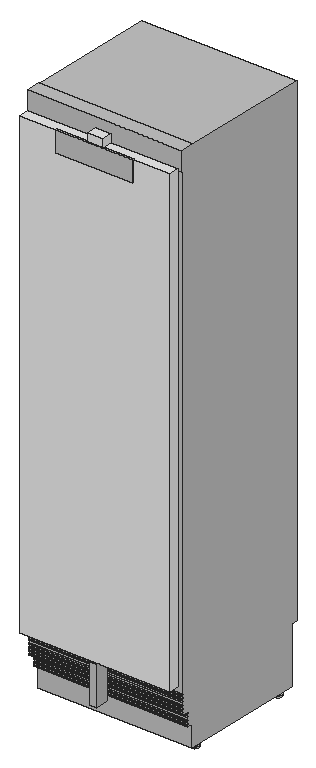
Revit family "FP_Revit_18_RS6121FRJK1_Freezer_90001099A", category Specialty Equipment, Revit 2018
Family settings
  Round Connector Dimension = Use Diameter
  Part Type = Normal
  OmniClass Number = 23.40.40.11.11
  OmniClass Title = Refrigerators and Freezers
  Work Plane-Based = No
  Always vertical = Yes
  Cut with Voids When Loaded = Yes
  Shared = No
  Room Calculation Point = No
Parameters (values of type "RS6121FRK1")
  Visibility - Water Connection = no
  Visibility - Visibility Control Note = yes
  Visibility - Clearance Required = yes
  URL = "www.fisherpaykel.com"
  Stainless Steel Door Panels (RD6121R10D) = no
  Product - Width = 603 mm  # constant formula
  Product - Height = 2134 mm  # constant formula
  Product - Depth (exl front panel) = 610 mm  # constant formula
  Model = "RS6121FRK1"
  Material - Handle = Fisher & Paykel - Aluminium
  Material - Door Structure = Fisher & Paykel - White
  Material - Door Front = Fisher & Paykel - Stainless Steel
  Material - Body = Fisher & Paykel - Grey
  Manufacturer = "Fisher & Paykel Appliances"
  Handle Style - Contemporary Square (AHD3-RD21) = no
  Handle Style - Contemporary Round (AHS-RD21) = no
  Description = "61cm Integrated Column Freezer, stainless steel interior"
  Connector Description - Water = "Water Supply not required"
  Connector Description - Electrical = "230 V, 10 amp fused electrical supply"
  Cavity - Width = 610 mm  # constant formula
  Cavity - Height = 2134 mm  # constant formula
  Cavity - Depth = 650 mm  # constant formula
Types (4, lengths in mm): name | Visibility - Water Connection | Model | Description | Connector Description - Water
  (no name) | no | "RS6121FRK1" | "61cm Integrated Column Freezer, stainless steel interior" | "Water Supply not required"
  RS6121FRJK1 | yes | "RS6121FRJK1" | "61cm Integrated Column Freezer with internal ice maker, stainless steel interior" | "1/2 BSP Stainless steel braided hose"
  RS6121FRK1 | no | "RS6121FRK1" | "61cm Integrated Column Freezer, stainless steel interior" | "Water Supply not required"
  RS6121FRJ1 | yes | "RS6121FRJ1" | "61cm Integrated Column Freezer with internal ice maker, white interior" | "1/2 BSP Stainless steel braided hose"
Reference planes
  plane 1 "Datum": y = 0
  plane 2: z = 0
  plane 3 "Center (Left/Right)": x = 0
  plane 4 "Product LHS": x = -301.5
  plane 5 "Product RHS": x = 301.5
  plane 6 "Product - Depth": y = 610
  plane 7 "Cavity LHS": x = -305
  plane 8 "Cavity RHS": x = 305
  plane 9 "Cavity - Depth": y = 628
  plane 10 "Handle Offset": x = -238.5
  plane 11 "Product Height": z = 2134
  plane 12 "Cavity Height": z = 2134
  plane 13 "Door Panel Datum": y = -4.1
Forms (mm)
  Extrusion 1, solid, material "Fisher & Paykel - Grey" <- "Material - Body", detail levels fine
    sketch origin (0, 0, 0) x (0, 1, 0) y (0, 0, 1)
      loop
        line (100.1, 19.1) -> (587.9, 19.1) -> (587.9, 239.7) -> (610, 239.7) -> (610, 2131.9) -> (105.1, 2131.9) -> (105.1, 2134) -> (49.9, 2134) -> (49.9, 2059) -> (56, 2059) -> (56, 228.6) -> (59.5, 228.6) -> (59.5, 219.7) -> (56.5, 219.7) -> (56.5, 215.9) -> (59.5, 215.9) -> (59.5, 207) -> (56.5, 207) -> (56.5, 203.2) -> (59.5, 203.2) -> (59.5, 194.3) -> (56.5, 194.3) -> (56.5, 190.5) -> (59.5, 190.5) -> (59.5, 181.6) -> (56.5, 181.6) -> (56.5, 177.8) -> (59.5, 177.8) -> (59.5, 168.9) -> (56.5, 168.9) -> (56.5, 165.1) -> (59.5, 165.1) -> (59.5, 156.2) -> (56.5, 156.2) -> (56.5, 152.4) -> (84.1, 152.4) -> (84.1, 143.5) -> (81.1, 143.5) -> (81.1, 139.7) -> (84.1, 139.7) -> (84.1, 130.8) -> (81.1, 130.8) -> (81.1, 127) -> (84.1, 127) -> (84.1, 118.1) -> (81.1, 118.1) -> (81.1, 114.3) -> (84.1, 114.3) -> (84.1, 105.4) -> (81.1, 105.4) -> (81.1, 101.6) -> (100.1, 101.6) -> (100.1, 19.1)
    from -301.5 to 301.5
  Extrusion 2, solid, material "Fisher & Paykel - Grey" <- "Material - Body"
    sketch origin (0, 0, 0) x (1, 0, 0) y (0, 1, 0)
      loop
        circle (-281, 547.8) r 4.1
      loop
        circle (-281, 141.8) r 4.1
      loop
        circle (281, 547.8) r 4.1
      loop
        circle (281, 141.8) r 4.1
    from 3 to 19.1
  Extrusion 3, solid, material "Fisher & Paykel - Grey" <- "Material - Body"
    sketch origin (0, 0, 0) x (1, 0, 0) y (0, 1, 0)
      loop
        circle (-281, 547.8) r 14.5
      loop
        circle (-281, 141.8) r 14.555
      loop
        circle (281, 547.8) r 14.5
      loop
        circle (281, 141.8) r 14.555
    from 0 to 3
  Extrusion 4, solid, material "Fisher & Paykel - Grey" <- "Material - Body", detail levels fine
    sketch origin (0, 0, 0) x (1, 0, 0) y (0, 1, 0)
      loop
        line (-7.5, 49) -> (-13.797, -4.1) -> (13.797, -4.1) -> (7.5, 49) -> (-7.5, 49)
    from 104.2 to 254.2
  Extrusion 5, solid, material "Fisher & Paykel - Grey" <- "Material - Body", not visible, detail levels fine
    sketch origin (0, 0, 0) x (1, 0, 0) y (0, 0, 1)
      loop
        line (289.9, 2123.15) -> (95.42, 2123.15) -> (95.42, 2081.05) -> (289.9, 2081.05) -> (289.9, 2123.15)
    from -49 to -2.5
  Extrusion 6, solid, material "Fisher & Paykel - Grey" <- "Material - Body", detail levels fine
    sketch origin (0, 0, 0) x (0, 1, 0) y (0, 0, 1)
      loop
        line (0, 2070.6) -> (0, 1988.6) -> (2, 1988.6) -> (2, 2068.6) -> (4, 2068.6) -> (4, 2070.6) -> (0, 2070.6)
    from -150 to 150
  Extrusion 7, solid, material "Fisher & Paykel - Grey" <- "Material - Body"
    sketch origin (0, 0, 0) x (1, 0, 0) y (0, 0, 1)
      loop
        circle (226.5, 119.813) r 5
      loop
        circle (-226.5, 119.813) r 5
    from -590 to -587.9
  Extrusion 8, solid, material "Fisher & Paykel - White" <- "Material - Door Structure"
    sketch origin (0, 0, 0) x (1, 0, 0) y (0, 1, 0)
      loop
        line (-276.5, 56) -> (-276.5, 42) -> (276.5, 42) -> (276.5, 56) -> (-276.5, 56)
    from 269.6 to 2030.7
  Extrusion 9, solid, material "Fisher & Paykel - White" <- "Material - Door Structure"
    sketch origin (0, 0, 0) x (1, 0, 0) y (0, 1, 0)
      loop
        line (-292.9, 42) -> (-292.9, 3) -> (292.9, 3) -> (292.9, 42) -> (-292.9, 42)
    from 254.2 to 2068.6
  Extrusion 10, solid, material "Fisher & Paykel - White" <- "Material - Door Structure", detail levels fine
    sketch origin (0, 0, 0) x (1, 0, 0) y (0, 0, 1)
      loop
        line (-29.5, 2100.1) -> (-29.5, 2068.6) -> (29.5, 2068.6) -> (29.5, 2100.1) -> (-29.5, 2100.1)
    from -42 to -3
  Extrusion 11, solid, material "Fisher & Paykel - Stainless Steel" <- "Material - Door Front", visible <- "Stainless Steel Door Panels (RD6121R10D)"
    sketch origin (0, 0, 0) x (0, 1, 0) y (0, 0, 1)
      loop
        line (-22.1, 2130.8) -> (-22.1, 102) -> (-4.1, 102) -> (-4.1, 2130.8) -> (-22.1, 2130.8)
    from -301.5 to 301.5
  Extrusion 12, solid, material "Fisher & Paykel - Grey" <- "Material - Body", detail levels coarse+medium
    sketch origin (0, 0, 0) x (0, 1, 0) y (0, 0, 1)
      loop
        line (49.9, 2134) -> (49.9, 2059) -> (56, 2059) -> (56, 152.4) -> (81.1, 152.4) -> (81.1, 101.6) -> (100.1, 101.6) -> (100.1, 19.1) -> (587.9, 19.1) -> (587.9, 239.7) -> (610, 239.7) -> (610, 2134) -> (49.9, 2134)
    from -301.5 to 301.5
  Extrusion 13, solid, material "Fisher & Paykel - Clearance Required", visible <- "Visibility - Clearance Required", detail levels coarse
    sketch origin (0, 0, 0) x (1, 0, 0) y (0, 1, 0)
      loop
        arc (-301.5, -22.1) -> (-13.376, -547.171) -> (584.28, -586.183) r 622.5
        line (584.28, -586.183) -> (565.051, -544.946) -> (589.549, -533.523)
        arc (589.549, -533.523) -> (598.013, -510.267) -> (574.757, -501.802) r 17.5
        line (574.757, -501.802) -> (550.259, -513.225) -> (329.441, -39.678)
        arc (329.441, -39.678) -> (310.616, -38.605) -> (301.5, -22.1) r 19.5
        line (301.5, -22.1) -> (-301.5, -22.1)
    from 0 to 2134
  Extrusion 14, solid, material "Fisher & Paykel - Grey" <- "Material - Body", not visible, detail levels fine
    sketch origin (0, 0, 0) x (1, 0, 0) y (0, 0, 1)
      loop
        line (289.9, 187.65) -> (289.9, 229.75) -> (95.42, 229.75) -> (95.42, 187.65) -> (289.9, 187.65)
    from -56 to -2.5
  Extrusion 15, solid, material "Fisher & Paykel - Grey" <- "Material - Body", detail levels fine
    sketch origin (0, 0, -4) x (0, 1, 0) y (0, 0, 1)
      loop
        arc (163.888, 23.1) -> (180.4, 13.63) -> (196.912, 23.1) r 19.13
        line (196.912, 23.1) -> (163.888, 23.1)
      loop
        arc (493.888, 23.1) -> (510.4, 13.63) -> (526.912, 23.1) r 19.13
        line (526.912, 23.1) -> (493.888, 23.1)
    from 191 to 219
  Extrusion 16, solid, material "Fisher & Paykel - Grey" <- "Material - Body", detail levels fine
    sketch origin (0, 0, -4) x (0, 1, 0) y (0, 0, -1)
      loop
        line (163.888, -23.1) -> (196.912, -23.1)
        arc (196.912, -23.1) -> (180.4, -13.63) -> (163.888, -23.1) r 19.13
      loop
        line (493.888, -23.1) -> (526.912, -23.1)
        arc (526.912, -23.1) -> (510.4, -13.63) -> (493.888, -23.1) r 19.13
    from 191 to 219
  Extrusion 17, solid, material "Fisher & Paykel - Clearance Required", visible <- "Visibility - Clearance Required", detail levels coarse
    sketch origin (0, 0, 0) x (1, 0, 0) y (0, 1, 0)
      loop
        line (-305, 628) -> (-305, -4.1) -> (305, -4.1) -> (305, 628) -> (-305, 628)
    from 0 to 2134
  Extrusion 18, void
    sketch origin (0, 0, 0) x (1, 0, 0) y (0, 1, 0)
      loop
        line (-305, 628) -> (-305, -22) -> (305, -22) -> (305, 628) -> (-305, 628)
    from 0 to 2134
  Extrusion 19, solid, material "Fisher & Paykel - Grey" <- "Material - Body", not visible, detail levels fine
    sketch origin (0, 0, 0) x (1, 0, 0) y (0, 0, 1)
      loop
        line (118.4, 254.2) -> (118.4, 229.75) -> (282.9, 229.75) -> (282.9, 254.2) -> (118.4, 254.2)
      loop
        line (106, 2081.05) -> (106, 2068.6) -> (282.9, 2068.6) -> (282.9, 2076.05) -> (242.9, 2081.05) -> (106, 2081.05)
    from -7 to -4
Lines and regions (mm)
  model lines, style "Fisher & Paykel"
    curve 1: line (-301.5, -4.1, 2130.8) -> (301.5, -4.1, 2130.8)
    curve 2: line (-301.5, -4.1, 102) -> (-301.5, -4.1, 2130.8)
    curve 3: line (301.5, -4.1, 102) -> (-301.5, -4.1, 102)
    curve 4: line (301.5, -4.1, 2130.8) -> (301.5, -4.1, 102)
Text (mm)
  text "Due to ongoing product development, product details are subject to change without notice. \nPlease always refer to www.fisherpaykel.com for the most current product information. \n© Fisher & Paykel 2020" at (41.04, -678.295, 0), in view "Ref. Level (Plan)"
Dimensions and locks
  equal spacing: plane 4 "Product LHS", plane 3 "Center (Left/Right)", plane 5 "Product RHS"
  "Product - Width": plane 4 "Product LHS" to plane 5 "Product RHS"
  "Product - Depth (exl front panel)": plane 1 "Datum" to plane 6 "Product - Depth"
  equal spacing: plane 7 "Cavity LHS", plane 3 "Center (Left/Right)", plane 8 "Cavity RHS"
  "Cavity - Width": plane 7 "Cavity LHS" to plane 8 "Cavity RHS"
  plane 4 "Product LHS" to Extrusion 2 sketch curve = 24.6 mm
  plane 4 "Product LHS" to plane 10 "Handle Offset" = 63 mm
  Extrusion 7 sketch curve to Extrusion 1 = 119.887 mm  (x2)
  Extrusion 7 sketch curve to plane 5 "Product RHS" = 75 mm
  plane 4 "Product LHS" to Extrusion 7 sketch curve = 75 mm
  Extrusion 1 sketch curve to Extrusion 1 sketch curve = 82.5 mm
  Extrusion 1 sketch curve to Extrusion 1 sketch curve = 209.5 mm
  Extrusion 3 to level = 3 mm
  Extrusion 12 to Extrusion 9 = 235.1 mm
  Extrusion 12 to Extrusion 8 = 250.5 mm
  Extrusion 12 to Extrusion 12 = 2114.9 mm
  Extrusion 12 to Extrusion 11 = 82.9 mm
  "Product - Height": level to plane 11 "Product Height"
  plane 11 "Product Height" to Extrusion 11 = 3.2 mm
  Extrusion 9 to plane 11 "Product Height" = 65.4 mm
  Extrusion 8 to plane 11 "Product Height" = 103.3 mm
  Extrusion 12 sketch curve to plane 11 "Product Height" = 75 mm
  Extrusion 1 sketch curve to plane 11 "Product Height" = 2.1 mm
  Extrusion 1 sketch curve to plane 11 "Product Height" = 75 mm
  "Cavity - Height": plane 12 "Cavity Height" to level
  plane 1 "Datum" to Extrusion 17 = 628 mm
  plane 1 "Datum" to Extrusion 18 = 628 mm
  Extrusion 19 sketch curve to Extrusion 19 sketch curve = 40 mm
  Extrusion 19 sketch curve to plane 3 "Center (Left/Right)" = 106 mm
  Extrusion 19 sketch curve to Extrusion 19 sketch curve = 176.9 mm
  Extrusion 19 sketch curve to plane 3 "Center (Left/Right)" = 118.4 mm
  plane 3 "Center (Left/Right)" to Extrusion 19 sketch curve = 282.9 mm
  "Cavity - Depth": Extrusion 18 to Extrusion 18
  Extrusion 18 to plane 1 "Datum" = 22 mm
  radius of Extrusion 7 sketch curve = 5 mm
  aligned and locked: level to plane 2
  aligned and locked: Extrusion 11 to plane 5 "Product RHS"
  aligned and locked: plane 4 "Product LHS" to Extrusion 11
  aligned and locked: Extrusion 12 to plane 5 "Product RHS"
  aligned and locked: Extrusion 12 to plane 4 "Product LHS"
  aligned and locked: Extrusion 12 sketch curve to plane 11 "Product Height"
  aligned and locked: plane 11 "Product Height" to Extrusion 1 sketch curve
  aligned and locked: Extrusion 15 sketch curve to Extrusion 15 sketch curve
  aligned and locked: Extrusion 16 sketch curve to Extrusion 16 sketch curve
  aligned and locked: Extrusion 17 to Extrusion 13
  aligned and locked: Extrusion 18 to Extrusion 13
  aligned and locked: Extrusion 1 to plane 5 "Product RHS"
  aligned and locked: plane 4 "Product LHS" to Extrusion 1
  aligned and locked: Extrusion 2 to Extrusion 1
  aligned and locked: nested 3 to plane 10 "Handle Offset"
  aligned and locked: nested 2 to plane 10 "Handle Offset"
Automatic sketch dimensions
  Extrusion 2 sketch curve to plane 4 "Product LHS" = 20.5 mm  (x2)
  plane 5 "Product RHS" to Extrusion 2 sketch curve = 20.5 mm  (x2)
  Extrusion 2 sketch curve to plane 1 "Datum" = 141.8 mm  (x2)
  Extrusion 2 sketch curve to plane 6 "Product - Depth" = 62.2 mm  (x2)
  Extrusion 3 sketch curve to plane 4 "Product LHS" = 20.5 mm  (x2)
  plane 5 "Product RHS" to Extrusion 3 sketch curve = 20.5 mm  (x2)
  Extrusion 3 sketch curve to plane 1 "Datum" = 141.8 mm  (x2)
  Extrusion 3 sketch curve to plane 6 "Product - Depth" = 62.2 mm  (x2)
  plane 1 "Datum" to Extrusion 4 sketch curve = 4.1 mm
  Extrusion 4 sketch curve to plane 3 "Center (Left/Right)" = 13.797 mm
  Extrusion 4 sketch curve to plane 3 "Center (Left/Right)" = 7.5 mm
  plane 3 "Center (Left/Right)" to Extrusion 4 sketch curve = 7.5 mm
  plane 3 "Center (Left/Right)" to Extrusion 4 sketch curve = 13.797 mm
  Extrusion 4 sketch curve to plane 1 "Datum" = 49 mm
  plane 11 "Product Height" to Extrusion 5 sketch curve = 10.85 mm
  plane 3 "Center (Left/Right)" to Extrusion 5 sketch curve = 95.42 mm
  plane 5 "Product RHS" to Extrusion 5 sketch curve = 11.6 mm
  Extrusion 5 sketch curve to Extrusion 5 sketch curve = 42.1 mm
  Extrusion 6 sketch curve to plane 1 "Datum" = 0 mm
  Extrusion 6 sketch curve to plane 1 "Datum" = 2 mm
  Extrusion 6 sketch curve to Extrusion 6 sketch curve = 2 mm  (x2)
  plane 11 "Product Height" to Extrusion 6 sketch curve = 145.4 mm
  plane 11 "Product Height" to Extrusion 6 sketch curve = 65.4 mm
  Extrusion 8 sketch curve to plane 4 "Product LHS" = 25 mm
  plane 5 "Product RHS" to Extrusion 8 sketch curve = 25 mm
  Extrusion 8 sketch curve to plane 1 "Datum" = 42 mm
  Extrusion 8 sketch curve to Extrusion 8 sketch curve = 14 mm
  Extrusion 9 sketch curve to plane 1 "Datum" = 3 mm
  Extrusion 9 sketch curve to plane 4 "Product LHS" = 8.6 mm
  plane 5 "Product RHS" to Extrusion 9 sketch curve = 8.6 mm
  Extrusion 9 sketch curve to Extrusion 9 sketch curve = 39 mm
  Extrusion 10 sketch curve to plane 3 "Center (Left/Right)" = 29.5 mm
  plane 3 "Center (Left/Right)" to Extrusion 10 sketch curve = 29.5 mm
  plane 11 "Product Height" to Extrusion 10 sketch curve = 65.4 mm
  Extrusion 10 sketch curve to Extrusion 10 sketch curve = 31.5 mm
  plane 1 "Datum" to Extrusion 11 sketch curve = 22.1 mm
  plane 1 "Datum" to Extrusion 11 sketch curve = 4.1 mm
  level to Extrusion 11 sketch curve = 102 mm
  plane 11 "Product Height" to Extrusion 11 sketch curve = 3.2 mm
  Extrusion 13 sketch curve to Extrusion 13 sketch curve = 0 mm  (x2)
  Extrusion 13 sketch curve to plane 4 "Product LHS" = 0 mm
  Extrusion 13 sketch curve to plane 5 "Product RHS" = 0 mm
  Extrusion 13 sketch curve to plane 8 "Cavity RHS" = 16 mm
  Extrusion 13 sketch curve to Extrusion 13 sketch curve = 8.441 mm
  Extrusion 13 sketch curve to plane 8 "Cavity RHS" = 245.259 mm
  Extrusion 13 sketch curve to Extrusion 13 sketch curve = 14.792 mm
  Extrusion 13 sketch curve to Extrusion 13 sketch curve = 24.498 mm
  Extrusion 13 sketch curve to Extrusion 13 sketch curve = 7.396 mm  (x2)
  Extrusion 13 sketch curve to Extrusion 13 sketch curve = 19.229 mm
  plane 1 "Datum" to Extrusion 13 sketch curve = 586.183 mm
  Extrusion 13 sketch curve to Extrusion 13 sketch curve = 41.237 mm
  Extrusion 13 sketch curve to Extrusion 13 sketch curve = 15.86 mm
  plane 3 "Center (Left/Right)" to Extrusion 14 sketch curve = 95.42 mm
  plane 5 "Product RHS" to Extrusion 14 sketch curve = 11.6 mm
  level to Extrusion 14 sketch curve = 187.65 mm
  Extrusion 14 sketch curve to Extrusion 14 sketch curve = 42.1 mm
  Extrusion 15 sketch curve to plane 1 "Datum" = 163.888 mm
  Extrusion 15 sketch curve to Extrusion 15 sketch curve = 16.512 mm  (x2)
  Extrusion 15 sketch curve to plane 6 "Product - Depth" = 116.112 mm
  Extrusion 15 sketch curve to Extrusion 15 sketch curve = 9.66 mm  (x2)
  Extrusion 16 sketch curve to plane 1 "Datum" = 163.888 mm
  Extrusion 16 sketch curve to Extrusion 16 sketch curve = 16.512 mm  (x2)
  Extrusion 16 sketch curve to plane 6 "Product - Depth" = 116.112 mm
  Extrusion 16 sketch curve to Extrusion 16 sketch curve = 9.66 mm  (x2)
  Extrusion 17 sketch curve to plane 7 "Cavity LHS" = 0 mm
  Extrusion 17 sketch curve to plane 8 "Cavity RHS" = 0 mm
  Extrusion 17 sketch curve to plane 9 "Cavity - Depth" = 0 mm
  plane 1 "Datum" to Extrusion 17 sketch curve = 4.1 mm
  Extrusion 18 sketch curve to plane 7 "Cavity LHS" = 0 mm
  Extrusion 18 sketch curve to plane 8 "Cavity RHS" = 0 mm
  plane 9 "Cavity - Depth" to Extrusion 18 sketch curve = 0 mm
  plane 1 "Datum" to Extrusion 18 sketch curve = 22 mm
  level to Extrusion 19 sketch curve = 229.75 mm
  Extrusion 19 sketch curve to Extrusion 19 sketch curve = 24.45 mm
  plane 11 "Product Height" to Extrusion 19 sketch curve = 65.4 mm
  Extrusion 19 sketch curve to Extrusion 19 sketch curve = 7.45 mm
  Extrusion 19 sketch curve to Extrusion 19 sketch curve = 5 mm
  Extrusion 12 sketch curve to plane 6 "Product - Depth" = 0 mm
  Extrusion 12 sketch curve to plane 6 "Product - Depth" = 22.1 mm
  Extrusion 12 sketch curve to plane 1 "Datum" = 100.1 mm
  Extrusion 12 sketch curve to Extrusion 12 sketch curve = 19 mm
  Extrusion 12 sketch curve to plane 1 "Datum" = 56 mm
  Extrusion 12 sketch curve to plane 1 "Datum" = 49.9 mm
  level to Extrusion 12 sketch curve = 152.4 mm
  Extrusion 12 sketch curve to Extrusion 12 sketch curve = 50.8 mm
  level to Extrusion 12 sketch curve = 19.1 mm
  Extrusion 12 sketch curve to Extrusion 12 sketch curve = 220.6 mm
  level to Extrusion 15 sketch curve = 19.1 mm
  level to Extrusion 16 sketch curve = 28.76 mm
  Extrusion 1 sketch curve to plane 6 "Product - Depth" = 0 mm
  Extrusion 1 sketch curve to Extrusion 1 sketch curve = 22.1 mm
  Extrusion 1 sketch curve to plane 1 "Datum" = 105.1 mm
  level to Extrusion 1 sketch curve = 19.1 mm
  Extrusion 1 sketch curve to plane 1 "Datum" = 100.1 mm
  Extrusion 1 sketch curve to Extrusion 1 sketch curve = 16 mm
  Extrusion 1 sketch curve to Extrusion 1 sketch curve = 0 mm  (x8)
  Extrusion 1 sketch curve to Extrusion 1 sketch curve = 3 mm  (x10)
  Extrusion 1 sketch curve to plane 1 "Datum" = 59.5 mm
  Extrusion 1 sketch curve to plane 1 "Datum" = 56 mm
  Extrusion 1 sketch curve to plane 1 "Datum" = 49.9 mm
  Extrusion 1 sketch curve to Extrusion 1 sketch curve = 3.8 mm  (x10)
  Extrusion 1 sketch curve to Extrusion 1 sketch curve = 8.9 mm  (x9)
  Extrusion 1 sketch curve to Extrusion 1 sketch curve = 220.6 mm
  plane 5 "Product RHS" to curve 1 = 0 mm
  plane 4 "Product LHS" to curve 3 = 0 mm
  level to curve 3 = 102 mm
  plane 11 "Product Height" to curve 2 = 3.2 mm
  radius of Extrusion 2 sketch curve = 4.1 mm  (x3)
  radius of Extrusion 3 sketch curve = 14.5 mm  (x2)
  radius of Extrusion 3 sketch curve = 14.555 mm  (x2)
  radius of Extrusion 7 sketch curve = 5 mm
Nested families
  nested 1: "Visibility Control Note 18" at (0, 0, 0), visible <- "Visibility - Visibility Control Note", type "Visibility Control Note 18"
  nested 2: "Handle Contemporary Round - Vertical" at (-238.5, -22.1, 1242.58), visible <- "Handle Style - Contemporary Round (AHS-RD21)", type "AHS-RD21 - Contemporary round handle (Vertical) 852mm"
  nested 3: "Handle Contemporary Square - Vertical" at (-238.5, -22.1, 1242.58), visible <- "Handle Style - Contemporary Square (AHD3-RD21)", type "AHD3-RD21 - Contemporary square handle (Vertical) 852mm"
Connectors
  electrical at (-226.5, 590, 119.813), driven by "Connector Description - Electrical"
    settings: on Extrusion 7, index 1, voltage 230 V, apparent load 0 VA, apparent load phase1 0 VA, apparent load phase2 0 VA, apparent load phase3 0 VA, power factor 1, load classification "Other", number of poles 1, system type 30, power factor state 1, is connector primary yes, connector utility no, sub classification motor no, connector description "230 V, 10 amp fused electrical supply"
  piping at (226.5, 590, 119.813), diameter 12.7, driven by "Connector Description - Water", driven by "Visibility - Water Connection"
    settings: on Extrusion 7, index 2, connector inside diameter 609.6 mm, connector length 0 mm, flow factor 0, pipe flow 0.0 L/s, pressure drop 0.0 Pa, fitting loss kfactor 0, connector angle 0.00°, fixture units 0, engagement length 0 mm, angle of deflection 0.00°, flow configuration 0, flow direction 1, fitting loss method 0, system type 20, joint type 0, gender type 0, connector reference index -1, connector utility 0, adjustable connector no, is connector primary yes, connector description "Water Supply not required"
Definition of nested family "Handle Contemporary Round - Vertical"
  Parameters (values of type "AHSRS80A - Contemporary round handle (1 of 2) (Vertical) 727mm")
    URL = "www.fisherpaykel.com"
    Material - Handle = none
    Manufacturer = "Fisher & Paykel Appliances"
    Handle - Length = 727 mm
  Types (6, lengths in mm): name | Handle - Length
    AHS-RD21 - Contemporary round handle (Vertical) 852mm | 852
    AHSRD2484W - Contemporary round handle (1 of 2) (Vertical) 727mm | 727
    AHSRD3084W - Contemporary round handle (1 of 2) (Vertical) 727mm | 727
    AHS-RD84 - Contemporary round handle (Vertical) 852mm | 852
    AHSRS3272A - Contemporary round handle (1 of 2) (Vertical) 727mm | 727
    AHSRS80A - Contemporary round handle (1 of 2) (Vertical) 727mm | 727
  Reference planes
    plane 1 "Center (Front/Back)": y = 0
    plane 2: z = 0
    plane 3 "Center (Left/Right)": x = 0
    plane 4 "Top": z = 363.5
    plane 5 "Bottom": z = -363.5
    plane 6 "Top Standoff": z = 243.5
    plane 7 "Bottom Standoff": z = -243.5
  Forms (mm)
    Extrusion 1, solid, material <- "Material - Handle"
      sketch origin (0, 0, 0) x (1, 0, 0) y (0, 1, 0)
        loop
          circle (0, -32.3) r 8.7
      from -243.5 to 243.5
    Extrusion 2, solid, material <- "Material - Handle", detail levels fine
      sketch origin (0, 0, 0) x (1, 0, 0) y (0, 1, 0)
        loop
          line (-8.7, 0) -> (-8.7, -32.3)
          arc (-8.7, -32.3) -> (0, -41) -> (8.7, -32.3) r 8.7
          line (8.7, -32.3) -> (8.7, 0) -> (-8.7, 0)
      from 243.5 to 363.5
    Extrusion 3, solid, material <- "Material - Handle", detail levels fine
      sketch origin (0, 0, 0) x (1, 0, 0) y (0, 1, 0)
        loop
          line (-8.7, 0) -> (-8.7, -32.3)
          arc (-8.7, -32.3) -> (0, -41) -> (8.7, -32.3) r 8.7
          line (8.7, -32.3) -> (8.7, 0) -> (-8.7, 0)
      from -363.5 to -243.5
    Sweep 4, void
      path in 3D
        loop
          line (8.7, 0, -363.5) -> (8.7, -32.3, -363.5)
          arc (8.7, -32.3, -363.5) -> (0, -41, -363.5) -> (-8.7, -32.3, -363.5) r 8.7
          line (-8.7, -32.3, -363.5) -> (-8.7, 0, -363.5)
      profile origin (8.7, -16.15, -363.5) x (-1, 0, 0) y (0, 0, -1)
        loop
          line (0, 0) -> (0, -1) -> (1, 0) -> (0, 0)
    Sweep 5, void
      path in 3D
        loop
          line (-8.7, 0, 363.5) -> (-8.7, -32.3, 363.5)
          arc (-8.7, -32.3, 363.5) -> (0, -41, 363.5) -> (8.7, -32.3, 363.5) r 8.7
          line (8.7, -32.3, 363.5) -> (8.7, 0, 363.5)
      profile origin (8.7, -16.15, 363.5) x (-1, 0, 0) y (0, 0, 1)
        loop
          line (0, 0) -> (0, -1) -> (1, 0) -> (0, 0)
    Extrusion 6, solid, material <- "Material - Handle", detail levels coarse+medium
      sketch origin (0, 0, 0) x (1, 0, 0) y (0, 1, 0)
        loop
          line (-8.7, 0) -> (-8.7, -32.3)
          arc (-8.7, -32.3) -> (0, -41) -> (8.7, -32.3) r 8.7
          line (8.7, -32.3) -> (8.7, 0) -> (-8.7, 0)
      from 243.5 to 363.5
    Extrusion 7, solid, material <- "Material - Handle", detail levels coarse+medium
      sketch origin (0, 0, 0) x (1, 0, 0) y (0, 1, 0)
        loop
          line (-8.7, 0) -> (-8.7, -32.3)
          arc (-8.7, -32.3) -> (0, -41) -> (8.7, -32.3) r 8.7
          line (8.7, -32.3) -> (8.7, 0) -> (-8.7, 0)
      from -363.5 to -243.5
  Cuts and joins
    Sweep 4 cuts Extrusion 3
    Sweep 5 cuts Extrusion 2
  Lines and regions (mm)
    sketch lines
      curve 1: line (8.7, 0, -363.5) -> (8.7, -32.3, -363.5)
      curve 2: arc (-8.7, -32.3, -363.5) -> (0, -41, -363.5) -> (8.7, -32.3, -363.5) r 8.7
      curve 3: line (-8.7, -32.3, -363.5) -> (-8.7, 0, -363.5)
      curve 4: line (8.7, -32.3, 363.5) -> (8.7, 0, 363.5)
      curve 5: arc (8.7, -32.3, 363.5) -> (0, -41, 363.5) -> (-8.7, -32.3, 363.5) r 8.7
      curve 6: line (-8.7, 0, 363.5) -> (-8.7, -32.3, 363.5)
  Dimensions and locks
    equal spacing: plane 4 "Top", level, plane 5 "Bottom"
    "Handle - Length": plane 4 "Top" to plane 5 "Bottom"
    locked: plane 4 "Top" to plane 6 "Top Standoff" at 120
    locked: plane 7 "Bottom Standoff" to plane 5 "Bottom" at 120
    Extrusion 2 sketch curve to Extrusion 2 sketch curve = 17.4 mm
    Extrusion 3 sketch curve to Extrusion 3 sketch curve = 17.4 mm
    Extrusion 6 sketch curve to Extrusion 6 sketch curve = 17.4 mm
    Extrusion 7 sketch curve to Extrusion 7 sketch curve = 17.4 mm
    aligned and locked: level to plane 2
    aligned and locked: plane 4 "Top" to Extrusion 2
    aligned and locked: Extrusion 3 to plane 5 "Bottom"
    aligned and locked: plane 7 "Bottom Standoff" to Extrusion 3
    aligned and locked: Extrusion 1 to plane 7 "Bottom Standoff"
    aligned and locked: plane 6 "Top Standoff" to Extrusion 1
    aligned and locked: Extrusion 2 to Extrusion 1
    aligned and locked: Extrusion 6 to Extrusion 1
    aligned and locked: plane 4 "Top" to Extrusion 6
    aligned and locked: Extrusion 7 to Extrusion 1
    aligned and locked: Extrusion 7 to plane 5 "Bottom"
  Automatic sketch dimensions
    Extrusion 1 sketch curve to plane 3 "Center (Left/Right)" = 0 mm
    plane 1 "Center (Front/Back)" to Extrusion 1 sketch curve = 32.3 mm
    plane 1 "Center (Front/Back)" to Extrusion 2 sketch curve = 0 mm
    Extrusion 2 sketch curve to plane 3 "Center (Left/Right)" = 0 mm
    Extrusion 2 sketch curve to plane 3 "Center (Left/Right)" = 8.7 mm
    plane 1 "Center (Front/Back)" to Extrusion 2 sketch curve = 32.3 mm
    plane 1 "Center (Front/Back)" to Extrusion 3 sketch curve = 0 mm
    Extrusion 3 sketch curve to plane 3 "Center (Left/Right)" = 0 mm
    Extrusion 3 sketch curve to plane 3 "Center (Left/Right)" = 8.7 mm
    plane 1 "Center (Front/Back)" to Extrusion 3 sketch curve = 32.3 mm
    Sweep 4 sketch curve to profile plane = 0 mm  (x2)
    Sweep 4 sketch curve to profile plane = 1 mm  (x2)
    Sweep 5 sketch curve to profile plane = 0 mm  (x2)
    Sweep 5 sketch curve to profile plane = 1 mm  (x2)
    Extrusion 6 sketch curve to plane 3 "Center (Left/Right)" = 0 mm
    Extrusion 6 sketch curve to plane 3 "Center (Left/Right)" = 8.7 mm
    plane 1 "Center (Front/Back)" to Extrusion 6 sketch curve = 32.3 mm
    Extrusion 6 sketch curve to Extrusion 6 sketch curve = 32.3 mm
    Extrusion 7 sketch curve to plane 3 "Center (Left/Right)" = 0 mm
    Extrusion 7 sketch curve to plane 3 "Center (Left/Right)" = 8.7 mm
    plane 1 "Center (Front/Back)" to Extrusion 7 sketch curve = 32.3 mm
    Extrusion 7 sketch curve to Extrusion 7 sketch curve = 32.3 mm
    radius of Extrusion 1 sketch curve = 8.7 mm
Definition of nested family "Handle Contemporary Square - Vertical"
  Parameters (values of type "AHD3RS80A - Contemporary square handle (1 of 2) (Vertical) 727mm")
    URL = "www.fisherpaykel.com"
    Material - Handle = none
    Manufacturer = "Fisher & Paykel Appliances"
    Handle - Length = 727 mm
  Types (7, lengths in mm): name | Handle - Length
    (no name) | 727
    AHD3-RD21 - Contemporary square handle (Vertical) 852mm | 852
    AHD3RD2484W - Contemporary square handle (1 of 2) (Vertical) 727mm | 727
    AHD3RD3084W - Contemporary square handle (1 of 2) (Vertical) 727mm | 727
    AHD3-RD84 - Contemporary square handle (Vertical) 852mm | 852
    AHD3RS3272A - Contemporary square handle (1 of 2) (Vertical) 727mm | 727
    AHD3RS80A - Contemporary square handle (1 of 2) (Vertical) 727mm | 727
  Reference planes
    plane 1 "Center (Front/Back)": y = 0
    plane 2: z = 0
    plane 3 "Center (Left/Right)": x = 0
    plane 4 "Top": z = 363.5
    plane 5 "Bottom": z = -363.5
    plane 6 "Top Standoff": z = 243.5
    plane 7 "Bottom Standoff": z = -243.5
  Forms (mm)
    Extrusion 1, solid, material <- "Material - Handle", detail levels fine
      sketch origin (0, 0, 0) x (1, 0, 0) y (0, 1, 0)
        loop
          arc (-7.583, -28.701) -> (-7.89, -29.057) -> (-8, -29.514) r 1
          line (-8, -29.514) -> (-8, -40.5)
          arc (-8, -40.5) -> (-7.561, -41.561) -> (-6.5, -42) r 1.5
          line (-6.5, -42) -> (6.5, -42)
          arc (6.5, -42) -> (7.561, -41.561) -> (8, -40.5) r 1.5
          line (8, -40.5) -> (8, -29.487)
          arc (8, -29.487) -> (7.889, -29.029) -> (7.58, -28.673) r 1
          arc (7.58, -28.673) -> (-0.006, -26.256) -> (-7.583, -28.701) r 13.038
      from -363.5 to 363.5
    Extrusion 2, solid, material <- "Material - Handle", detail levels fine
      sketch origin (0, 0, 0) x (1, 0, 0) y (0, 1, 0)
        loop
          arc (7.058, -28.23) -> (7.466, -28.244) -> (7.674, -27.893) r 0.4
          line (7.674, -27.893) -> (7.674, 0) -> (-7.674, 0) -> (-7.674, -27.86)
          arc (-7.674, -27.86) -> (-7.467, -28.21) -> (-7.06, -28.198) r 0.4
          arc (-7.06, -28.198) -> (0.004, -26.156) -> (7.058, -28.23) r 13.136
      from 243.5 to 363.5
    Extrusion 3, solid, material <- "Material - Handle", detail levels fine
      sketch origin (0, 0, 0) x (1, 0, 0) y (0, 1, 0)
        loop
          arc (7.058, -28.23) -> (7.466, -28.244) -> (7.674, -27.893) r 0.4
          line (7.674, -27.893) -> (7.674, 0) -> (-7.674, 0) -> (-7.674, -27.86)
          arc (-7.674, -27.86) -> (-7.467, -28.21) -> (-7.06, -28.198) r 0.4
          arc (-7.06, -28.198) -> (0.004, -26.156) -> (7.058, -28.23) r 13.136
      from -363.5 to -243.5
    Sweep 4, void
      path in 3D
        loop
          line (-8, -29.514, 363.5) -> (-8, -40.5, 363.5)
          arc (-8, -40.5, 363.5) -> (-7.561, -41.561, 363.5) -> (-6.5, -42, 363.5) r 1.5
          line (-6.5, -42, 363.5) -> (6.5, -42, 363.5)
          arc (6.5, -42, 363.5) -> (7.561, -41.561, 363.5) -> (8, -40.5, 363.5) r 1.5
          line (8, -40.5, 363.5) -> (8, -29.487, 363.5)
      profile origin (8, -34.994, 363.5) x (-1, 0, 0) y (0, 0, 1)
        loop
          line (0, 0) -> (0, -1.3) -> (1.3, 0) -> (0, 0)
    Sweep 5, void
      path in 3D
        loop
          line (8, -29.487, -363.5) -> (8, -40.5, -363.5)
          arc (8, -40.5, -363.5) -> (7.561, -41.561, -363.5) -> (6.5, -42, -363.5) r 1.5
          line (6.5, -42, -363.5) -> (-6.5, -42, -363.5)
          arc (-6.5, -42, -363.5) -> (-7.561, -41.561, -363.5) -> (-8, -40.5, -363.5) r 1.5
          line (-8, -40.5, -363.5) -> (-8, -29.514, -363.5)
      profile origin (8, -34.994, -363.5) x (-1, 0, 0) y (0, 0, -1)
        loop
          line (0, 0) -> (0, -1.3) -> (1.3, 0) -> (0, 0)
    Extrusion 6, void
      sketch origin (0, 0, 0) x (1, 0, 0) y (0, 0, 1)
        loop
          line (-8, -362.2) -> (-8, -363.5) -> (-6.7, -363.5) -> (-8, -362.2)
        loop
          line (8, -362.2) -> (6.7, -363.5) -> (8, -363.5) -> (8, -362.2)
      from 0 to 40
    Extrusion 7, void
      sketch origin (0, 0, 0) x (1, 0, 0) y (0, 0, 1)
        loop
          line (-8, 363.5) -> (-8, 362.2) -> (-6.7, 363.5) -> (-8, 363.5)
        loop
          line (8, 363.5) -> (6.7, 363.5) -> (8, 362.2) -> (8, 363.5)
      from 0 to 40
    Extrusion 8, solid, material <- "Material - Handle", detail levels coarse+medium
      sketch origin (0, 0, 0) x (0, 1, 0) y (0, 0, 1)
        loop
          line (0, 363.5) -> (-42, 363.5) -> (-42, -363.5) -> (0, -363.5) -> (0, -243.5) -> (-26.245, -243.5) -> (-26.245, 243.5) -> (0, 243.5) -> (0, 363.5)
      from -8 to 8
  Cuts and joins
    Sweep 4, Sweep 5, Extrusion 6, Extrusion 7 cuts Extrusion 1
    Extrusion 6 cuts Extrusion 3
    Extrusion 7 cuts Extrusion 2
  Lines and regions (mm)
    sketch lines
      curve 1: line (8, -40.5, 363.5) -> (8, -29.487, 363.5)
      curve 2: arc (8, -40.5, 363.5) -> (7.561, -41.561, 363.5) -> (6.5, -42, 363.5) r 1.5
      curve 3: line (-6.5, -42, 363.5) -> (6.5, -42, 363.5)
      curve 4: arc (-6.5, -42, 363.5) -> (-7.561, -41.561, 363.5) -> (-8, -40.5, 363.5) r 1.5
      curve 5: line (-8, -29.514, 363.5) -> (-8, -40.5, 363.5)
      curve 6: line (8, -29.487, -363.5) -> (8, -40.5, -363.5)
      curve 7: arc (6.5, -42, -363.5) -> (7.561, -41.561, -363.5) -> (8, -40.5, -363.5) r 1.5
      curve 8: line (6.5, -42, -363.5) -> (-6.5, -42, -363.5)
      curve 9: arc (-8, -40.5, -363.5) -> (-7.561, -41.561, -363.5) -> (-6.5, -42, -363.5) r 1.5
      curve 10: line (-8, -40.5, -363.5) -> (-8, -29.514, -363.5)
  Dimensions and locks
    equal spacing: plane 4 "Top", level, plane 5 "Bottom"
    "Handle - Length": plane 4 "Top" to plane 5 "Bottom"
    locked: plane 4 "Top" to plane 6 "Top Standoff" at 120
    locked: plane 7 "Bottom Standoff" to plane 5 "Bottom" at 120
    aligned and locked: level to plane 2
    aligned and locked: plane 4 "Top" to Extrusion 2
    aligned and locked: Extrusion 2 to plane 6 "Top Standoff"
    aligned and locked: plane 4 "Top" to Extrusion 1
    aligned and locked: Extrusion 1 to plane 5 "Bottom"
    aligned and locked: Extrusion 3 to plane 5 "Bottom"
    aligned and locked: plane 7 "Bottom Standoff" to Extrusion 3
    aligned and locked: plane 4 "Top" to Extrusion 8 sketch curve
    aligned and locked: plane 6 "Top Standoff" to Extrusion 8 sketch curve
    aligned and locked: plane 7 "Bottom Standoff" to Extrusion 8 sketch curve
    aligned and locked: plane 5 "Bottom" to Extrusion 8 sketch curve
    aligned and locked: plane 1 "Center (Front/Back)" to Extrusion 8 sketch curve  (x2)
  Automatic sketch dimensions
    Extrusion 1 sketch curve to plane 3 "Center (Left/Right)" = 8 mm
    Extrusion 1 sketch curve to Extrusion 1 sketch curve = 1 mm  (x2)
    Extrusion 1 sketch curve to Extrusion 1 sketch curve = 1.5 mm
    plane 3 "Center (Left/Right)" to Extrusion 1 sketch curve = 0.018 mm
    plane 3 "Center (Left/Right)" to Extrusion 1 sketch curve = 6.5 mm
    plane 3 "Center (Left/Right)" to Extrusion 1 sketch curve = 7 mm
    plane 1 "Center (Front/Back)" to Extrusion 1 sketch curve = 42 mm
    Extrusion 1 sketch curve to Extrusion 1 sketch curve = 1.206 mm
    Extrusion 1 sketch curve to Extrusion 1 sketch curve = 10.986 mm
    Extrusion 1 sketch curve to Extrusion 1 sketch curve = 11.013 mm
    Extrusion 1 sketch curve to Extrusion 1 sketch curve = 0 mm
    plane 1 "Center (Front/Back)" to Extrusion 2 sketch curve = 0 mm
    Extrusion 2 sketch curve to plane 3 "Center (Left/Right)" = 7.674 mm
    Extrusion 2 sketch curve to Extrusion 2 sketch curve = 0.4 mm  (x2)
    Extrusion 2 sketch curve to plane 3 "Center (Left/Right)" = 0.026 mm
    plane 3 "Center (Left/Right)" to Extrusion 2 sketch curve = 7.274 mm
    plane 1 "Center (Front/Back)" to Extrusion 2 sketch curve = 27.86 mm
    Extrusion 2 sketch curve to Extrusion 2 sketch curve = 0.033 mm
    Extrusion 2 sketch curve to Extrusion 2 sketch curve = 11.398 mm
    Extrusion 2 sketch curve to Extrusion 2 sketch curve = 0 mm
    plane 1 "Center (Front/Back)" to Extrusion 3 sketch curve = 0 mm
    Extrusion 3 sketch curve to Extrusion 3 sketch curve = 0.4 mm  (x2)
    Extrusion 3 sketch curve to Extrusion 3 sketch curve = 7.248 mm
    Extrusion 3 sketch curve to Extrusion 3 sketch curve = 7.3 mm
    plane 1 "Center (Front/Back)" to Extrusion 3 sketch curve = 27.86 mm
    Extrusion 3 sketch curve to Extrusion 3 sketch curve = 0.033 mm
    Extrusion 3 sketch curve to Extrusion 3 sketch curve = 11.398 mm
    Extrusion 3 sketch curve to Extrusion 3 sketch curve = 0 mm
    Sweep 4 sketch curve to profile plane = 0 mm  (x2)
    Sweep 4 sketch curve to profile plane = 1.3 mm  (x2)
    Sweep 5 sketch curve to profile plane = 0 mm  (x2)
    Sweep 5 sketch curve to profile plane = 1.3 mm  (x2)
    Extrusion 6 sketch curve to plane 5 "Bottom" = 0 mm  (x2)
    plane 5 "Bottom" to Extrusion 6 sketch curve = 1.3 mm  (x2)
    Extrusion 6 sketch curve to plane 3 "Center (Left/Right)" = 8 mm
    Extrusion 6 sketch curve to Extrusion 6 sketch curve = 1.3 mm  (x2)
    plane 3 "Center (Left/Right)" to Extrusion 6 sketch curve = 8 mm
    Extrusion 7 sketch curve to plane 4 "Top" = 0 mm  (x2)
    Extrusion 7 sketch curve to plane 3 "Center (Left/Right)" = 8 mm
    Extrusion 7 sketch curve to Extrusion 7 sketch curve = 1.3 mm  (x2)
    plane 3 "Center (Left/Right)" to Extrusion 7 sketch curve = 8 mm
    Extrusion 7 sketch curve to plane 4 "Top" = 1.3 mm  (x2)
    plane 1 "Center (Front/Back)" to Extrusion 8 sketch curve = 26.245 mm
    plane 1 "Center (Front/Back)" to Extrusion 8 sketch curve = 42 mm
    Extrusion 3 sketch curve to plane 3 "Center (Left/Right)" = 7.674 mm
Definition of nested family "Visibility Control Note 18"
  Types (3): name
    New
    Resolved
    Active
  Reference planes
    plane 1: y = 0
    plane 2: x = 0
  Text (mm)
    text "Edit Type: \nTo control handle kit \nand door panel visibility\n options\n\nDelete unwanted kits \nto reduce file size" at (-0.165, 35.556, 0)
